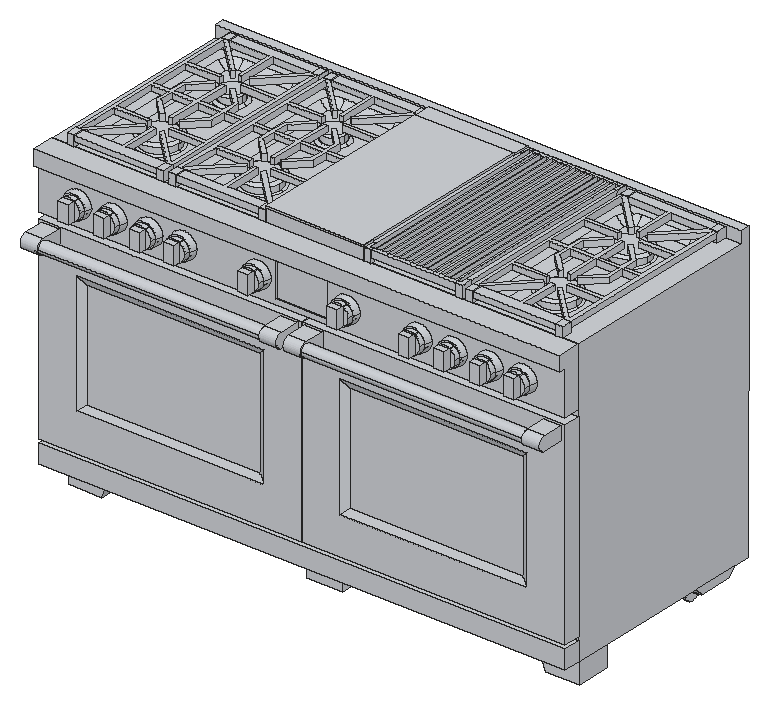
Revit family "DF60650CG_S_P", category Generic Models, Revit 2020
Family settings
  Can host rebar = No
  Round Connector Dimension = Use Diameter
  Part Type = Normal
  Work Plane-Based = No
  Always vertical = Yes
  Cut with Voids When Loaded = No
  Shared = No
  Room Calculation Point = No
Parameters
  Default Elevation = 0' - 0"
Reference planes (in)
  plane 1 "Center (Front/Back)": y = 0
  plane 2: z = 0
  plane 3 "Center (Left/Right)": x = 0
Forms (in)
  Extrusion 1, solid
    sketch origin (0, 0, 0) x (0, 1, 0) y (0, 0, 1)
      loop
        line (1.88976, 35.59055) -> (-0.70866, 35.59055) -> (-0.70866, 33.89764) -> (0, 33.89764) -> (0, 28.9252) -> (1.88976, 28.9252) -> (1.88976, 35.59055)
    from 0 to 59.88189
  Extrusion 2, solid
    sketch origin (0, 0, 0) x (0, 1, 0) y (0, 0, 1)
      loop
        line (26.14173, 36.9685) -> (25.15748, 36.9685) -> (25.15748, 35.59055) -> (1.9685, 35.59055) -> (1.9685, 3.14961) -> (26.14173, 3.14961) -> (26.14173, 36.9685)
    from 0 to 59.88189
  Extrusion 3, solid
    sketch origin (0, 0, 0) x (0, 1, 0) y (0, 0, 1)
      loop
        line (1.9685, 5.31496) -> (0, 5.31496) -> (0, 3.14961) -> (1.9685, 3.14961) -> (1.9685, 5.31496)
    from 0 to 59.88189
  Extrusion 4, solid
    sketch origin (0, 0, 0) x (0, 1, 0) y (0, 0, 1)
      loop
        line (0, 28.18898) -> (0, 5.70866) -> (1.9685, 5.70866) -> (1.9685, 28.18898) -> (0, 28.18898)
    from 0 to 29.94095
  Extrusion 5, solid
    sketch origin (0, 0, 0) x (0, 1, 0) y (0, 0, 1)
      loop
        line (0, 26.41732) -> (0, 27.99213) -> (-2.3622, 27.99213)
        arc (-2.3622, 27.99213) -> (-3.14961, 27.20472) -> (-2.3622, 26.41732) r 0.7874
        line (-2.3622, 26.41732) -> (0, 26.41732)
    from 0.40557 to 2.36419
  Extrusion 6, solid
    sketch origin (26.75, 0, 0) x (0, 1, 0) y (0, 0, 1)
      loop
        line (0, 26.41732) -> (0, 27.99213) -> (-2.3622, 27.99213)
        arc (-2.3622, 27.99213) -> (-3.14961, 27.20472) -> (-2.3622, 26.41732) r 0.7874
        line (-2.3622, 26.41732) -> (0, 26.41732)
    from 0.82874 to 2.76772
  Extrusion 7, solid
    sketch origin (0, 0, 0) x (0, 1, 0) y (0, 0, 1)
      loop
        circle (-2.41707, 27.24489) r 0.66649
    from 1.8261 to 27.57874
  Extrusion 8, solid
    sketch origin (0, 0, 0) x (1, 0, 0) y (0, 0, 1)
      loop
        line (0.84646, 3.14961) -> (0.84646, 0) -> (4.66535, 0) -> (5.90551, 3.14961) -> (0.84646, 3.14961)
    from -7.02923 to -3.18791
  Extrusion 9, solid
    sketch origin (30, 0, 0) x (1, 0, 0) y (0, 0, 1)
      loop
        line (23.97638, 3.14961) -> (25.21654, 0) -> (29.03543, 0) -> (29.03543, 3.14961) -> (23.97638, 3.14961)
    from -7.02923 to -3.18791
  Extrusion 10, solid
    sketch origin (0, 0, 0) x (0, 1, 0) y (0, 0, 1)
      loop
        line (24.17323, 3.14961) -> (18.66142, 3.14961) -> (19.45248, 2.27893) -> (23.38927, 2.27893) -> (24.17323, 3.14961)
    from 0 to 4.72441
  Extrusion 11, solid
    sketch origin (0, 0, 0) x (0, 1, 0) y (0, 0, 1)
      loop
        line (22.5954, 2.27893) -> (20.23924, 2.27893) -> (21.02362, 1.10236) -> (21.81102, 1.10236) -> (22.5954, 2.27893)
    from 1.5748 to 3.93701
  Extrusion 12, solid
    sketch origin (0, 0, 0) x (0, 1, 0) y (0, 0, 1)
      loop
        circle (21.41732, 1.10236) r 1.1236
    from 2.55906 to 2.95276
  Extrusion 13, solid
    sketch origin (55.15748, 0, 0) x (0, 1, 0) y (0, 0, 1)
      loop
        line (24.17323, 3.14961) -> (18.66142, 3.14961) -> (19.45248, 2.27893) -> (23.38927, 2.27893) -> (24.17323, 3.14961)
    from 0 to 4.72441
  Extrusion 14, solid
    sketch origin (54.3731, 0, 0) x (0, 1, 0) y (0, 0, 1)
      loop
        line (22.5954, 2.27893) -> (20.23924, 2.27893) -> (21.02362, 1.10236) -> (21.81102, 1.10236) -> (22.5954, 2.27893)
    from 1.5748 to 3.93701
  Extrusion 15, solid
    sketch origin (54.3731, 0, 0) x (0, 1, 0) y (0, 0, 1)
      loop
        circle (21.41732, 1.10236) r 1.1236
    from 2.55906 to 2.95276
  Blend 16, solid
    base sketch origin (0.90551, 0, 0) x (1, 0, 0) y (0, 0, 1)
      loop
        circle (3.62205, 31.31299) r 1.45314
    top sketch origin (0.90551, 0, 0) x (1, 0, 0) y (0, 0, 1)
      loop
        circle (3.62205, 31.31299) r 1.33532
    from 0 to 0.7874
  Extrusion 17, solid
    sketch origin (0.90551, 0, 0) x (1, 0, 0) y (0, 0, 1)
      loop
        circle (3.62205, 31.31299) r 1.21601
    from 0 to 1.37795
  Extrusion 18, solid
    sketch origin (0.90551, 0, 0) x (1, 0, 0) y (0, 0, 1)
      loop
        line (3.0315, 32.37598) -> (3.0315, 30.29013) -> (4.2126, 30.29013) -> (4.2126, 32.37598) -> (3.0315, 32.37598)
    from 0 to 2.15573
  Blend 19, solid, not visible
    base sketch origin (0, 0, 0) x (1, 0, 0) y (0, 0, 1)
      loop
        circle (3.62205, 31.31299) r 1.45314
    top sketch origin (0, 0, 0) x (1, 0, 0) y (0, 0, 1)
      loop
        circle (3.62205, 31.31299) r 1.33532
    from 0 to 0.7874
  Extrusion 20, solid, not visible
    sketch origin (0, 0, 0) x (1, 0, 0) y (0, 0, 1)
      loop
        circle (3.62205, 31.31299) r 1.21601
    from 0 to 1.37795
  Extrusion 21, solid, not visible
    sketch origin (0, 0, 0) x (1, 0, 0) y (0, 0, 1)
      loop
        line (3.0315, 32.37598) -> (3.0315, 30.29013) -> (4.2126, 30.29013) -> (4.2126, 32.37598) -> (3.0315, 32.37598)
    from 0 to 2.15573
  Blend 22, solid
    base sketch origin (4.92126, 0, 0) x (1, 0, 0) y (0, 0, 1)
      loop
        circle (3.62205, 31.31299) r 1.45314
    top sketch origin (4.92126, 0, 0) x (1, 0, 0) y (0, 0, 1)
      loop
        circle (3.62205, 31.31299) r 1.33532
    from 0 to 0.7874
  Extrusion 23, solid
    sketch origin (4.92126, 0, 0) x (1, 0, 0) y (0, 0, 1)
      loop
        circle (3.62205, 31.31299) r 1.21601
    from 0 to 1.37795
  Extrusion 24, solid
    sketch origin (4.92126, 0, 0) x (1, 0, 0) y (0, 0, 1)
      loop
        line (3.0315, 32.37598) -> (3.0315, 30.29013) -> (4.2126, 30.29013) -> (4.2126, 32.37598) -> (3.0315, 32.37598)
    from 0 to 2.15573
  Blend 25, solid
    base sketch origin (9.00306, 0, 0) x (1, 0, 0) y (0, 0, 1)
      loop
        circle (3.62205, 31.31299) r 1.45314
    top sketch origin (9.00306, 0, 0) x (1, 0, 0) y (0, 0, 1)
      loop
        circle (3.62205, 31.31299) r 1.33532
    from 0 to 0.7874
  Extrusion 26, solid
    sketch origin (9.00306, 0, 0) x (1, 0, 0) y (0, 0, 1)
      loop
        circle (3.62205, 31.31299) r 1.21601
    from 0 to 1.37795
  Extrusion 27, solid
    sketch origin (9.00306, 0, 0) x (1, 0, 0) y (0, 0, 1)
      loop
        line (3.0315, 32.37598) -> (3.0315, 30.29013) -> (4.2126, 30.29013) -> (4.2126, 32.37598) -> (3.0315, 32.37598)
    from 0 to 2.15573
  Blend 28, solid
    base sketch origin (12.87907, 0, 0) x (1, 0, 0) y (0, 0, 1)
      loop
        circle (3.62205, 31.31299) r 1.45314
    top sketch origin (12.87907, 0, 0) x (1, 0, 0) y (0, 0, 1)
      loop
        circle (3.62205, 31.31299) r 1.33532
    from 0 to 0.7874
  Extrusion 29, solid
    sketch origin (12.87907, 0, 0) x (1, 0, 0) y (0, 0, 1)
      loop
        circle (3.62205, 31.31299) r 1.21601
    from 0 to 1.37795
  Extrusion 30, solid
    sketch origin (12.87907, 0, 0) x (1, 0, 0) y (0, 0, 1)
      loop
        line (3.0315, 32.37598) -> (3.0315, 30.29013) -> (4.2126, 30.29013) -> (4.2126, 32.37598) -> (3.0315, 32.37598)
    from 0 to 2.15573
  Blend 31, solid
    base sketch origin (21.34072, 0, 0) x (1, 0, 0) y (0, 0, 1)
      loop
        circle (3.62205, 31.31299) r 1.45314
    top sketch origin (21.34072, 0, 0) x (1, 0, 0) y (0, 0, 1)
      loop
        circle (3.62205, 31.31299) r 1.33532
    from 0 to 0.7874
  Extrusion 32, solid
    sketch origin (21.34072, 0, 0) x (1, 0, 0) y (0, 0, 1)
      loop
        circle (3.62205, 31.31299) r 1.21601
    from 0 to 1.37795
  Extrusion 33, solid
    sketch origin (21.34072, 0, 0) x (1, 0, 0) y (0, 0, 1)
      loop
        line (3.0315, 32.37598) -> (3.0315, 30.29013) -> (4.2126, 30.29013) -> (4.2126, 32.37598) -> (3.0315, 32.37598)
    from 0 to 2.15573
  Extrusion 34, void
    sketch origin (0, 0, 0) x (1, 0, 0) y (0, 0, 1)
      loop
        line (32.92469, 33.47638) -> (26.96054, 33.47638) -> (26.96054, 29.46063) -> (32.92469, 29.46063) -> (32.92469, 33.47638)
    from -0.22861 to 12
  Blend 35, void
    base sketch origin (0, 0, 0) x (1, 0, 0) y (0, 0, 1)
      loop
        line (5.09843, 23.05118) -> (5.09843, 10.84646) -> (24.83268, 10.84646) -> (24.83268, 23.05118) -> (5.09843, 23.05118)
    top sketch origin (0, 0, 0) x (1, 0, 0) y (0, 0, 1)
      loop
        line (25.62008, 23.83858) -> (4.31102, 23.83858) -> (4.31102, 10.05905) -> (25.62008, 10.05905) -> (25.62008, 23.83858)
    from -0.3937 to 0
  Blend 36, void
    base sketch origin (0.17716, 0, 0) x (1, 0, 0) y (0, 1, 0)
      loop
        arc (4.14855, 22.95276) -> (3.56747, 22.71206) -> (3.32677, 22.13098) r 0.82178
        line (3.32677, 22.13098) -> (3.32677, 4.8769)
        arc (3.32677, 4.8769) -> (3.56747, 4.29581) -> (4.14855, 4.05512) r 0.82178
        line (4.14855, 4.05512) -> (9.98531, 4.05512)
        arc (9.98531, 4.05512) -> (10.56639, 4.29581) -> (10.80709, 4.8769) r 0.82178
        line (10.80709, 4.8769) -> (10.80709, 22.13098)
        arc (10.80709, 22.13098) -> (10.56639, 22.71206) -> (9.98531, 22.95276) r 0.82178
        line (9.98531, 22.95276) -> (4.14855, 22.95276)
    top sketch origin (0.17716, 0, 0) x (1, 0, 0) y (0, 1, 0)
      loop
        arc (4.12346, 23.74016) -> (2.98272, 23.26764) -> (2.5102, 22.1269) r 1.61326
        line (2.5102, 22.1269) -> (2.5102, 4.8769)
        arc (2.5102, 4.8769) -> (2.98101, 3.74026) -> (4.11765, 3.26945) r 1.60744
        line (4.11765, 3.26945) -> (10.0306, 3.26945)
        arc (10.0306, 3.26945) -> (11.13644, 3.7275) -> (11.59449, 4.83334) r 1.56388
        line (11.59449, 4.83334) -> (11.59449, 22.13098)
        arc (11.59449, 22.13098) -> (11.12317, 23.26884) -> (9.98531, 23.74016) r 1.60918
        line (9.98531, 23.74016) -> (4.12346, 23.74016)
    from 34.80848 to 35.59055
  Extrusion 37, solid
    sketch origin (0.17716, 0, 0) x (1, 0, 0) y (0, 1, 0)
      loop
        line (1.55512, 25.15748) -> (1.55512, 1.88976) -> (12.57874, 1.88976) -> (12.57874, 25.15748) -> (1.55512, 25.15748)
      loop
        line (2.22659, 23.93701) -> (6.25887, 19.90473) -> (5.97639, 19.62225) -> (1.94342, 23.65522) -> (1.94342, 18.58268) -> (5.88583, 18.58268) -> (5.88583, 18.18898) -> (1.94342, 18.18898) -> (1.94342, 13.70079) -> (3.91732, 13.70079) -> (3.91732, 15.35713) -> (5.94192, 17.38172) -> (6.22031, 17.10333) -> (4.31102, 15.19405) -> (4.31102, 13.70079) -> (6.87008, 13.70079) -> (6.87008, 17.27886) -> (7.26545, 17.27886) -> (7.26545, 13.70079) -> (9.82036, 13.70079) -> (9.82036, 15.19738) -> (7.91548, 17.10225) -> (8.19345, 17.38021) -> (10.21654, 15.35713) -> (10.21654, 13.70079) -> (12.18504, 13.70079) -> (12.18504, 18.18898) -> (8.24803, 18.18898) -> (8.24803, 18.58268) -> (12.18504, 18.58268) -> (12.18504, 23.65908) -> (8.15161, 19.62565) -> (7.86344, 19.91382) -> (11.88664, 23.93701) -> (7.26378, 23.93701) -> (7.26378, 19.6063) -> (6.87008, 19.6063) -> (6.87008, 23.93701) -> (2.22659, 23.93701)
      loop
        line (9.82036, 11.79288) -> (9.82036, 13.30709) -> (7.26545, 13.30709) -> (7.26545, 9.74409) -> (6.87008, 9.74409) -> (6.87008, 13.30709) -> (4.31102, 13.30709) -> (4.31102, 11.81382) -> (6.22187, 9.90297) -> (5.94348, 9.62459) -> (3.91732, 11.65075) -> (3.91732, 13.31073) -> (1.94342, 13.31073) -> (1.94342, 8.38583) -> (5.88583, 8.38583) -> (5.88583, 7.99213) -> (1.94342, 7.99213) -> (1.94342, 3.37305) -> (5.97438, 7.40401) -> (6.26736, 7.11102) -> (2.22655, 3.07021) -> (6.86986, 3.07021) -> (6.86986, 7.40401) -> (7.26545, 7.40401) -> (7.26545, 3.07021) -> (11.90457, 3.07021) -> (7.84812, 7.12666) -> (8.11918, 7.39772) -> (12.18504, 3.33186) -> (12.18504, 7.99213) -> (8.24803, 7.99213) -> (8.24803, 8.38583) -> (12.18504, 8.38583) -> (12.18504, 13.30709) -> (10.21654, 13.30709) -> (10.21654, 11.65075) -> (8.19038, 9.62459) -> (7.92122, 9.89374) -> (9.82036, 11.79288)
    from 36.10253 to 36.77165
  Extrusion 38, solid
    sketch origin (0.17716, 0, 0) x (1, 0, 0) y (0, 1, 0)
      loop
        line (11.79134, 3.07021) -> (11.79134, 1.88976) -> (12.57874, 1.88976) -> (12.57874, 3.07021) -> (11.79134, 3.07021)
      loop
        line (12.57874, 25.11811) -> (11.79134, 25.11811) -> (11.79134, 23.93701) -> (12.57874, 23.93701) -> (12.57874, 25.11811)
      loop
        line (1.55512, 25.11811) -> (1.55512, 23.93701) -> (2.34252, 23.93701) -> (2.34252, 25.11811) -> (1.55512, 25.11811)
      loop
        line (2.34252, 3.07021) -> (1.55512, 3.07021) -> (1.55512, 1.88976) -> (2.34252, 1.88976) -> (2.34252, 3.07021)
    from 35.59055 to 36.77165
  Extrusion 39, solid
    sketch origin (45.5315, 0, 0) x (1, 0, 0) y (0, 1, 0)
      loop
        line (11.79134, 3.07021) -> (11.79134, 1.88976) -> (12.57874, 1.88976) -> (12.57874, 3.07021) -> (11.79134, 3.07021)
      loop
        line (12.57874, 25.11811) -> (11.79134, 25.11811) -> (11.79134, 23.93701) -> (12.57874, 23.93701) -> (12.57874, 25.11811)
      loop
        line (1.55512, 25.11811) -> (1.55512, 23.93701) -> (2.34252, 23.93701) -> (2.34252, 25.11811) -> (1.55512, 25.11811)
      loop
        line (2.34252, 3.07021) -> (1.55512, 3.07021) -> (1.55512, 1.88976) -> (2.34252, 1.88976) -> (2.34252, 3.07021)
    from 35.59055 to 36.77165
  Blend 40, solid
    base sketch origin (0.17716, 0, 0) x (1, 0, 0) y (0, 1, 0)
      loop
        circle (7.09071, 18.35456) r 1.75898
    top sketch origin (0.17716, 0, 0) x (1, 0, 0) y (0, 1, 0)
      loop
        circle (7.09071, 18.35456) r 1.42487
    from 34.80848 to 34.99711
  Blend 41, solid
    base sketch origin (0.17716, -10.19685, 0) x (1, 0, 0) y (0, 1, 0)
      loop
        circle (7.09071, 18.35456) r 2.38325
    top sketch origin (0.17716, -10.19685, 0) x (1, 0, 0) y (0, 1, 0)
      loop
        circle (7.09071, 18.35456) r 2
    from 34.80848 to 34.99711
  Extrusion 42, solid
    sketch origin (0.17716, 0, 0) x (1, 0, 0) y (0, 1, 0)
      loop
        circle (7.10752, 18.34098) r 1.28657
    from 34.80848 to 35.7874
  Extrusion 43, solid
    sketch origin (0.17716, -10.19685, 0) x (1, 0, 0) y (0, 1, 0)
      loop
        circle (7.10752, 18.34098) r 2.08832
    from 34.80848 to 35.7874
  Blend 44, solid
    base sketch origin (0.17716, 0, 0.97892) x (1, 0, 0) y (0, 1, 0)
      loop
        circle (7.09071, 18.35456) r 1.42487
    top sketch origin (0.17716, 0, 0.97892) x (1, 0, 0) y (0, 1, 0)
      loop
        circle (7.09071, 18.35456) r 1.25
    from 34.80848 to 34.99711
  Blend 45, solid
    base sketch origin (0.17716, -10.19685, 0.97892) x (1, 0, 0) y (0, 1, 0)
      loop
        circle (7.09071, 18.35456) r 2.38325
    top sketch origin (0.17716, -10.19685, 0.97892) x (1, 0, 0) y (0, 1, 0)
      loop
        circle (7.09071, 18.35456) r 2
    from 34.80848 to 34.99711
  Extrusion 46, solid
    sketch origin (27.97244, 0, 0) x (0, 1, 0) y (0, 0, 1)
      loop
        line (24.17323, 3.14961) -> (18.66142, 3.14961) -> (19.45248, 2.27893) -> (23.38927, 2.27893) -> (24.17323, 3.14961)
    from -0.7874 to 4.72441
  Extrusion 47, solid
    sketch origin (27.18504, 0, 0) x (0, 1, 0) y (0, 0, 1)
      loop
        line (22.5954, 2.27893) -> (20.23924, 2.27893) -> (21.02362, 1.10236) -> (21.81102, 1.10236) -> (22.5954, 2.27893)
    from 1.5748 to 3.93701
  Extrusion 48, solid
    sketch origin (27.18504, 0, 0) x (0, 1, 0) y (0, 0, 1)
      loop
        circle (21.41732, 1.10236) r 1.1236
    from 2.55906 to 2.95276
  Extrusion 49, solid
    sketch origin (12.14567, 0, 0) x (1, 0, 0) y (0, 0, 1)
      loop
        line (15.82677, 0) -> (19.96063, 0) -> (19.96063, 3.14961) -> (15.82677, 3.14961) -> (15.82677, 0)
    from -7.02923 to -3.18791
  Extrusion 50, solid
    sketch origin (30, 0, 0) x (0, 1, 0) y (0, 0, 1)
      loop
        line (0, 28.18898) -> (0, 5.70866) -> (1.9685, 5.70866) -> (1.9685, 28.18898) -> (0, 28.18898)
    from -0.05905 to 29.88189
  Blend 51, void
    base sketch origin (30, 0, 0) x (1, 0, 0) y (0, 0, 1)
      loop
        line (5.04921, 23.05118) -> (5.04921, 10.84646) -> (24.77362, 10.84646) -> (24.77362, 23.05118) -> (5.04921, 23.05118)
    top sketch origin (30, 0, 0) x (1, 0, 0) y (0, 0, 1)
      loop
        line (25.56103, 23.83858) -> (4.26181, 23.83858) -> (4.26181, 10.05905) -> (25.56103, 10.05905) -> (25.56103, 23.83858)
    from -0.3937 to 0
  Extrusion 52, solid
    sketch origin (30.06421, 0, 0) x (0, 1, 0) y (0, 0, 1)
      loop
        line (0, 26.41732) -> (0, 27.99213) -> (-2.3622, 27.99213)
        arc (-2.3622, 27.99213) -> (-3.14961, 27.20472) -> (-2.3622, 26.41732) r 0.7874
        line (-2.3622, 26.41732) -> (0, 26.41732)
    from 0.27044 to 2.23894
  Extrusion 53, solid
    sketch origin (56.81421, 0, 0) x (0, 1, 0) y (0, 0, 1)
      loop
        line (0, 26.41732) -> (0, 27.99213) -> (-2.3622, 27.99213)
        arc (-2.3622, 27.99213) -> (-3.14961, 27.20472) -> (-2.3622, 26.41732) r 0.7874
        line (-2.3622, 26.41732) -> (0, 26.41732)
    from 0.7132 to 2.67398
  Extrusion 54, solid
    sketch origin (30.06421, 0, 0) x (0, 1, 0) y (0, 0, 1)
      loop
        circle (-2.41707, 27.24489) r 0.66649
    from 1.91641 to 27.4632
  Blend 55, solid
    base sketch origin (31.48989, 0, 0) x (1, 0, 0) y (0, 0, 1)
      loop
        circle (3.62205, 31.31299) r 1.45314
    top sketch origin (31.48989, 0, 0) x (1, 0, 0) y (0, 0, 1)
      loop
        circle (3.62205, 31.31299) r 1.33532
    from 0 to 0.7874
  Extrusion 56, solid
    sketch origin (31.48989, 0, 0) x (1, 0, 0) y (0, 0, 1)
      loop
        circle (3.62205, 31.31299) r 1.21601
    from 0 to 1.37795
  Extrusion 57, solid
    sketch origin (31.48989, 0, 0) x (1, 0, 0) y (0, 0, 1)
      loop
        line (3.0315, 32.37598) -> (3.0315, 30.29013) -> (4.2126, 30.29013) -> (4.2126, 32.37598) -> (3.0315, 32.37598)
    from 0 to 2.15573
  Blend 58, void, not visible
    base sketch origin (-0.55118, 0, 0) x (1, 0, 0) y (0, 1, 0)
      loop
        arc (4.14855, 22.95276) -> (3.56747, 22.71206) -> (3.32677, 22.13098) r 0.82178
        line (3.32677, 22.13098) -> (3.32677, 4.8769)
        arc (3.32677, 4.8769) -> (3.56747, 4.29581) -> (4.14855, 4.05512) r 0.82178
        line (4.14855, 4.05512) -> (9.98531, 4.05512)
        arc (9.98531, 4.05512) -> (10.56639, 4.29581) -> (10.80709, 4.8769) r 0.82178
        line (10.80709, 4.8769) -> (10.80709, 22.13098)
        arc (10.80709, 22.13098) -> (10.56639, 22.71206) -> (9.98531, 22.95276) r 0.82178
        line (9.98531, 22.95276) -> (4.14855, 22.95276)
    top sketch origin (-0.55118, 0, 0) x (1, 0, 0) y (0, 1, 0)
      loop
        arc (4.12346, 23.74016) -> (2.98272, 23.26764) -> (2.5102, 22.1269) r 1.61326
        line (2.5102, 22.1269) -> (2.5102, 4.8769)
        arc (2.5102, 4.8769) -> (2.98101, 3.74026) -> (4.11765, 3.26945) r 1.60744
        line (4.11765, 3.26945) -> (10.0306, 3.26945)
        arc (10.0306, 3.26945) -> (11.13644, 3.7275) -> (11.59449, 4.83334) r 1.56388
        line (11.59449, 4.83334) -> (11.59449, 22.13098)
        arc (11.59449, 22.13098) -> (11.12317, 23.26884) -> (9.98531, 23.74016) r 1.60918
        line (9.98531, 23.74016) -> (4.12346, 23.74016)
    from 34.80848 to 35.59055
  Extrusion 59, solid, not visible
    sketch origin (-0.55118, 0, 0) x (1, 0, 0) y (0, 1, 0)
      loop
        line (1.55512, 25.15748) -> (1.55512, 1.88976) -> (12.57874, 1.88976) -> (12.57874, 25.15748) -> (1.55512, 25.15748)
      loop
        line (2.22659, 23.93701) -> (6.25887, 19.90473) -> (5.97639, 19.62225) -> (1.94342, 23.65522) -> (1.94342, 18.58268) -> (5.88583, 18.58268) -> (5.88583, 18.18898) -> (1.94342, 18.18898) -> (1.94342, 13.70079) -> (3.91732, 13.70079) -> (3.91732, 15.35713) -> (5.94192, 17.38172) -> (6.22031, 17.10333) -> (4.31102, 15.19405) -> (4.31102, 13.70079) -> (6.87008, 13.70079) -> (6.87008, 17.27886) -> (7.26545, 17.27886) -> (7.26545, 13.70079) -> (9.82036, 13.70079) -> (9.82036, 15.19738) -> (7.91548, 17.10225) -> (8.19345, 17.38021) -> (10.21654, 15.35713) -> (10.21654, 13.70079) -> (12.18504, 13.70079) -> (12.18504, 18.18898) -> (8.24803, 18.18898) -> (8.24803, 18.58268) -> (12.18504, 18.58268) -> (12.18504, 23.65908) -> (8.15161, 19.62565) -> (7.86344, 19.91382) -> (11.88664, 23.93701) -> (7.26378, 23.93701) -> (7.26378, 19.6063) -> (6.87008, 19.6063) -> (6.87008, 23.93701) -> (2.22659, 23.93701)
      loop
        line (9.82036, 11.79288) -> (9.82036, 13.30709) -> (7.26545, 13.30709) -> (7.26545, 9.74409) -> (6.87008, 9.74409) -> (6.87008, 13.30709) -> (4.31102, 13.30709) -> (4.31102, 11.81382) -> (6.22187, 9.90297) -> (5.94348, 9.62459) -> (3.91732, 11.65075) -> (3.91732, 13.31073) -> (1.94342, 13.31073) -> (1.94342, 8.38583) -> (5.88583, 8.38583) -> (5.88583, 7.99213) -> (1.94342, 7.99213) -> (1.94342, 3.37305) -> (5.97438, 7.40401) -> (6.26736, 7.11102) -> (2.22655, 3.07021) -> (6.86986, 3.07021) -> (6.86986, 7.40401) -> (7.26545, 7.40401) -> (7.26545, 3.07021) -> (11.90457, 3.07021) -> (7.84812, 7.12666) -> (8.11918, 7.39772) -> (12.18504, 3.33186) -> (12.18504, 7.99213) -> (8.24803, 7.99213) -> (8.24803, 8.38583) -> (12.18504, 8.38583) -> (12.18504, 13.30709) -> (10.21654, 13.30709) -> (10.21654, 11.65075) -> (8.19038, 9.62459) -> (7.92122, 9.89374) -> (9.82036, 11.79288)
    from 36.10253 to 36.77165
  Extrusion 60, solid, not visible
    sketch origin (-0.55118, 0, 0) x (1, 0, 0) y (0, 1, 0)
      loop
        line (11.79134, 3.07021) -> (11.79134, 1.88976) -> (12.57874, 1.88976) -> (12.57874, 3.07021) -> (11.79134, 3.07021)
      loop
        line (12.57874, 25.11811) -> (11.79134, 25.11811) -> (11.79134, 23.93701) -> (12.57874, 23.93701) -> (12.57874, 25.11811)
      loop
        line (1.55512, 25.11811) -> (1.55512, 23.93701) -> (2.34252, 23.93701) -> (2.34252, 25.11811) -> (1.55512, 25.11811)
      loop
        line (2.34252, 3.07021) -> (1.55512, 3.07021) -> (1.55512, 1.88976) -> (2.34252, 1.88976) -> (2.34252, 3.07021)
    from 35.59055 to 36.77165
  Blend 61, solid, not visible
    base sketch origin (-0.55118, 0, 0) x (1, 0, 0) y (0, 1, 0)
      loop
        circle (7.09071, 18.35456) r 1.75898
    top sketch origin (-0.55118, 0, 0) x (1, 0, 0) y (0, 1, 0)
      loop
        circle (7.09071, 18.35456) r 1.42487
    from 34.80848 to 34.99711
  Blend 62, solid, not visible
    base sketch origin (-0.55118, -10.19685, 0) x (1, 0, 0) y (0, 1, 0)
      loop
        circle (7.09071, 18.35456) r 2.38325
    top sketch origin (-0.55118, -10.19685, 0) x (1, 0, 0) y (0, 1, 0)
      loop
        circle (7.09071, 18.35456) r 2
    from 34.80848 to 34.99711
  Extrusion 63, solid, not visible
    sketch origin (-0.55118, 0, 0) x (1, 0, 0) y (0, 1, 0)
      loop
        circle (7.10752, 18.34098) r 1.28657
    from 34.80848 to 35.7874
  Extrusion 64, solid, not visible
    sketch origin (-0.55118, -10.19685, 0) x (1, 0, 0) y (0, 1, 0)
      loop
        circle (7.10752, 18.34098) r 2.08832
    from 34.80848 to 35.7874
  Blend 65, solid, not visible
    base sketch origin (-0.55118, 0, 0.97892) x (1, 0, 0) y (0, 1, 0)
      loop
        circle (7.09071, 18.35456) r 1.42487
    top sketch origin (-0.55118, 0, 0.97892) x (1, 0, 0) y (0, 1, 0)
      loop
        circle (7.09071, 18.35456) r 1.25
    from 34.80848 to 34.99711
  Blend 66, solid, not visible
    base sketch origin (-0.55118, -10.19685, 0.97892) x (1, 0, 0) y (0, 1, 0)
      loop
        circle (7.09071, 18.35456) r 2.38325
    top sketch origin (-0.55118, -10.19685, 0.97892) x (1, 0, 0) y (0, 1, 0)
      loop
        circle (7.09071, 18.35456) r 2
    from 34.80848 to 34.99711
  Blend 67, solid
    base sketch origin (39.65551, 0, 0) x (1, 0, 0) y (0, 0, 1)
      loop
        circle (3.62205, 31.31299) r 1.45314
    top sketch origin (39.65551, 0, 0) x (1, 0, 0) y (0, 0, 1)
      loop
        circle (3.62205, 31.31299) r 1.33532
    from 0 to 0.7874
  Extrusion 68, solid
    sketch origin (39.65551, 0, 0) x (1, 0, 0) y (0, 0, 1)
      loop
        circle (3.62205, 31.31299) r 1.21601
    from 0 to 1.37795
  Extrusion 69, solid
    sketch origin (39.65551, 0, 0) x (1, 0, 0) y (0, 0, 1)
      loop
        line (3.0315, 32.37598) -> (3.0315, 30.29013) -> (4.2126, 30.29013) -> (4.2126, 32.37598) -> (3.0315, 32.37598)
    from 0 to 2.15573
  Blend 70, solid
    base sketch origin (43.67126, 0, 0) x (1, 0, 0) y (0, 0, 1)
      loop
        circle (3.62205, 31.31299) r 1.45314
    top sketch origin (43.67126, 0, 0) x (1, 0, 0) y (0, 0, 1)
      loop
        circle (3.62205, 31.31299) r 1.33532
    from 0 to 0.7874
  Extrusion 71, solid
    sketch origin (43.67126, 0, 0) x (1, 0, 0) y (0, 0, 1)
      loop
        circle (3.62205, 31.31299) r 1.21601
    from 0 to 1.37795
  Extrusion 72, solid
    sketch origin (43.67126, 0, 0) x (1, 0, 0) y (0, 0, 1)
      loop
        line (3.0315, 32.37598) -> (3.0315, 30.29013) -> (4.2126, 30.29013) -> (4.2126, 32.37598) -> (3.0315, 32.37598)
    from 0 to 2.15573
  Blend 73, solid
    base sketch origin (47.75306, 0, 0) x (1, 0, 0) y (0, 0, 1)
      loop
        circle (3.62205, 31.31299) r 1.45314
    top sketch origin (47.75306, 0, 0) x (1, 0, 0) y (0, 0, 1)
      loop
        circle (3.62205, 31.31299) r 1.33532
    from 0 to 0.7874
  Extrusion 74, solid
    sketch origin (47.75306, 0, 0) x (1, 0, 0) y (0, 0, 1)
      loop
        circle (3.62205, 31.31299) r 1.21601
    from 0 to 1.37795
  Extrusion 75, solid
    sketch origin (47.75306, 0, 0) x (1, 0, 0) y (0, 0, 1)
      loop
        line (3.0315, 32.37598) -> (3.0315, 30.29013) -> (4.2126, 30.29013) -> (4.2126, 32.37598) -> (3.0315, 32.37598)
    from 0 to 2.15573
  Blend 76, solid
    base sketch origin (51.62907, 0, 0) x (1, 0, 0) y (0, 0, 1)
      loop
        circle (3.62205, 31.31299) r 1.45314
    top sketch origin (51.62907, 0, 0) x (1, 0, 0) y (0, 0, 1)
      loop
        circle (3.62205, 31.31299) r 1.33532
    from 0 to 0.7874
  Extrusion 77, solid
    sketch origin (51.62907, 0, 0) x (1, 0, 0) y (0, 0, 1)
      loop
        circle (3.62205, 31.31299) r 1.21601
    from 0 to 1.37795
  Extrusion 78, solid
    sketch origin (51.62907, 0, 0) x (1, 0, 0) y (0, 0, 1)
      loop
        line (3.0315, 32.37598) -> (3.0315, 30.29013) -> (4.2126, 30.29013) -> (4.2126, 32.37598) -> (3.0315, 32.37598)
    from 0 to 2.15573
  Extrusion 79, solid
    sketch origin (11.76772, 0, 0) x (1, 0, 0) y (0, 1, 0)
      loop
        line (1.55512, 25.15748) -> (1.55512, 1.88976) -> (12.57874, 1.88976) -> (12.57874, 25.15748) -> (1.55512, 25.15748)
      loop
        line (2.22659, 23.93701) -> (6.25887, 19.90473) -> (5.97639, 19.62225) -> (1.94342, 23.65522) -> (1.94342, 18.58268) -> (5.88583, 18.58268) -> (5.88583, 18.18898) -> (1.94342, 18.18898) -> (1.94342, 13.70079) -> (3.91732, 13.70079) -> (3.91732, 15.35713) -> (5.94192, 17.38172) -> (6.22031, 17.10333) -> (4.31102, 15.19405) -> (4.31102, 13.70079) -> (6.87008, 13.70079) -> (6.87008, 17.27886) -> (7.26545, 17.27886) -> (7.26545, 13.70079) -> (9.82036, 13.70079) -> (9.82036, 15.19738) -> (7.91548, 17.10225) -> (8.19345, 17.38021) -> (10.21654, 15.35713) -> (10.21654, 13.70079) -> (12.18504, 13.70079) -> (12.18504, 18.18898) -> (8.24803, 18.18898) -> (8.24803, 18.58268) -> (12.18504, 18.58268) -> (12.18504, 23.65908) -> (8.15161, 19.62565) -> (7.86344, 19.91382) -> (11.88664, 23.93701) -> (7.26378, 23.93701) -> (7.26378, 19.6063) -> (6.87008, 19.6063) -> (6.87008, 23.93701) -> (2.22659, 23.93701)
      loop
        line (9.82036, 11.79288) -> (9.82036, 13.30709) -> (7.26545, 13.30709) -> (7.26545, 9.74409) -> (6.87008, 9.74409) -> (6.87008, 13.30709) -> (4.31102, 13.30709) -> (4.31102, 11.81382) -> (6.22187, 9.90297) -> (5.94348, 9.62459) -> (3.91732, 11.65075) -> (3.91732, 13.31073) -> (1.94342, 13.31073) -> (1.94342, 8.38583) -> (5.88583, 8.38583) -> (5.88583, 7.99213) -> (1.94342, 7.99213) -> (1.94342, 3.37305) -> (5.97438, 7.40401) -> (6.26736, 7.11102) -> (2.22655, 3.07021) -> (6.86986, 3.07021) -> (6.86986, 7.40401) -> (7.26545, 7.40401) -> (7.26545, 3.07021) -> (11.90457, 3.07021) -> (7.84812, 7.12666) -> (8.11918, 7.39772) -> (12.18504, 3.33186) -> (12.18504, 7.99213) -> (8.24803, 7.99213) -> (8.24803, 8.38583) -> (12.18504, 8.38583) -> (12.18504, 13.30709) -> (10.21654, 13.30709) -> (10.21654, 11.65075) -> (8.19038, 9.62459) -> (7.92122, 9.89374) -> (9.82036, 11.79288)
    from 36.10253 to 36.77165
  Extrusion 80, solid
    sketch origin (11.76772, 0, 0) x (1, 0, 0) y (0, 1, 0)
      loop
        line (11.79134, 3.07021) -> (11.79134, 1.88976) -> (12.57874, 1.88976) -> (12.57874, 3.07021) -> (11.79134, 3.07021)
      loop
        line (12.57874, 25.11811) -> (11.79134, 25.11811) -> (11.79134, 23.93701) -> (12.57874, 23.93701) -> (12.57874, 25.11811)
      loop
        line (1.55512, 25.11811) -> (1.55512, 23.93701) -> (2.34252, 23.93701) -> (2.34252, 25.11811) -> (1.55512, 25.11811)
      loop
        line (2.34252, 3.07021) -> (1.55512, 3.07021) -> (1.55512, 1.88976) -> (2.34252, 1.88976) -> (2.34252, 3.07021)
    from 35.59055 to 36.77165
  Blend 81, solid
    base sketch origin (11.76772, 0, 0) x (1, 0, 0) y (0, 1, 0)
      loop
        circle (7.09071, 18.35456) r 1.75898
    top sketch origin (11.76772, 0, 0) x (1, 0, 0) y (0, 1, 0)
      loop
        circle (7.09071, 18.35456) r 1.42487
    from 34.80848 to 34.99711
  Blend 82, solid
    base sketch origin (11.76772, -10.19685, 0) x (1, 0, 0) y (0, 1, 0)
      loop
        circle (7.09071, 18.35456) r 2.38325
    top sketch origin (11.76772, -10.19685, 0) x (1, 0, 0) y (0, 1, 0)
      loop
        circle (7.09071, 18.35456) r 2
    from 34.80848 to 34.99711
  Extrusion 83, solid
    sketch origin (11.76772, 0, 0) x (1, 0, 0) y (0, 1, 0)
      loop
        circle (7.10752, 18.34098) r 1.28657
    from 34.80848 to 35.7874
  Extrusion 84, solid
    sketch origin (11.76772, -10.19685, 0) x (1, 0, 0) y (0, 1, 0)
      loop
        circle (7.10752, 18.34098) r 2.08832
    from 34.80848 to 35.7874
  Blend 85, solid
    base sketch origin (11.76772, 0, 0.97892) x (1, 0, 0) y (0, 1, 0)
      loop
        circle (7.09071, 18.35456) r 1.42487
    top sketch origin (11.76772, 0, 0.97892) x (1, 0, 0) y (0, 1, 0)
      loop
        circle (7.09071, 18.35456) r 1.25
    from 34.80848 to 34.99711
  Blend 86, solid
    base sketch origin (11.76772, -10.19685, 0.97892) x (1, 0, 0) y (0, 1, 0)
      loop
        circle (7.09071, 18.35456) r 2.38325
    top sketch origin (11.76772, -10.19685, 0.97892) x (1, 0, 0) y (0, 1, 0)
      loop
        circle (7.09071, 18.35456) r 2
    from 34.80848 to 34.99711
  Blend 87, void
    base sketch origin (11.76772, 0, 0) x (1, 0, 0) y (0, 1, 0)
      loop
        arc (4.14855, 22.95276) -> (3.56747, 22.71206) -> (3.32677, 22.13098) r 0.82178
        line (3.32677, 22.13098) -> (3.32677, 4.8769)
        arc (3.32677, 4.8769) -> (3.56747, 4.29581) -> (4.14855, 4.05512) r 0.82178
        line (4.14855, 4.05512) -> (9.98531, 4.05512)
        arc (9.98531, 4.05512) -> (10.56639, 4.29581) -> (10.80709, 4.8769) r 0.82178
        line (10.80709, 4.8769) -> (10.80709, 22.13098)
        arc (10.80709, 22.13098) -> (10.56639, 22.71206) -> (9.98531, 22.95276) r 0.82178
        line (9.98531, 22.95276) -> (4.14855, 22.95276)
    top sketch origin (11.76772, 0, 0) x (1, 0, 0) y (0, 1, 0)
      loop
        arc (4.12346, 23.74016) -> (2.98272, 23.26764) -> (2.5102, 22.1269) r 1.61326
        line (2.5102, 22.1269) -> (2.5102, 4.8769)
        arc (2.5102, 4.8769) -> (2.98101, 3.74026) -> (4.11765, 3.26945) r 1.60744
        line (4.11765, 3.26945) -> (10.0306, 3.26945)
        arc (10.0306, 3.26945) -> (11.13644, 3.7275) -> (11.59449, 4.83334) r 1.56388
        line (11.59449, 4.83334) -> (11.59449, 22.13098)
        arc (11.59449, 22.13098) -> (11.12317, 23.26884) -> (9.98531, 23.74016) r 1.60918
        line (9.98531, 23.74016) -> (4.12346, 23.74016)
    from 34.80848 to 35.59055
  Extrusion 88, solid
    sketch origin (45.5315, 0, 0) x (1, 0, 0) y (0, 1, 0)
      loop
        line (1.55512, 25.15748) -> (1.55512, 1.88976) -> (12.57874, 1.88976) -> (12.57874, 25.15748) -> (1.55512, 25.15748)
      loop
        line (2.22659, 23.93701) -> (6.25887, 19.90473) -> (5.97639, 19.62225) -> (1.94342, 23.65522) -> (1.94342, 18.58268) -> (5.88583, 18.58268) -> (5.88583, 18.18898) -> (1.94342, 18.18898) -> (1.94342, 13.70079) -> (3.91732, 13.70079) -> (3.91732, 15.35713) -> (5.94192, 17.38172) -> (6.22031, 17.10333) -> (4.31102, 15.19405) -> (4.31102, 13.70079) -> (6.87008, 13.70079) -> (6.87008, 17.27886) -> (7.26545, 17.27886) -> (7.26545, 13.70079) -> (9.82036, 13.70079) -> (9.82036, 15.19738) -> (7.91548, 17.10225) -> (8.19345, 17.38021) -> (10.21654, 15.35713) -> (10.21654, 13.70079) -> (12.18504, 13.70079) -> (12.18504, 18.18898) -> (8.24803, 18.18898) -> (8.24803, 18.58268) -> (12.18504, 18.58268) -> (12.18504, 23.65908) -> (8.15161, 19.62565) -> (7.86344, 19.91382) -> (11.88664, 23.93701) -> (7.26378, 23.93701) -> (7.26378, 19.6063) -> (6.87008, 19.6063) -> (6.87008, 23.93701) -> (2.22659, 23.93701)
      loop
        line (9.82036, 11.79288) -> (9.82036, 13.30709) -> (7.26545, 13.30709) -> (7.26545, 9.74409) -> (6.87008, 9.74409) -> (6.87008, 13.30709) -> (4.31102, 13.30709) -> (4.31102, 11.81382) -> (6.22187, 9.90297) -> (5.94348, 9.62459) -> (3.91732, 11.65075) -> (3.91732, 13.31073) -> (1.94342, 13.31073) -> (1.94342, 8.38583) -> (5.88583, 8.38583) -> (5.88583, 7.99213) -> (1.94342, 7.99213) -> (1.94342, 3.37305) -> (5.97438, 7.40401) -> (6.26736, 7.11102) -> (2.22655, 3.07021) -> (6.86986, 3.07021) -> (6.86986, 7.40401) -> (7.26545, 7.40401) -> (7.26545, 3.07021) -> (11.90457, 3.07021) -> (7.84812, 7.12666) -> (8.11918, 7.39772) -> (12.18504, 3.33186) -> (12.18504, 7.99213) -> (8.24803, 7.99213) -> (8.24803, 8.38583) -> (12.18504, 8.38583) -> (12.18504, 13.30709) -> (10.21654, 13.30709) -> (10.21654, 11.65075) -> (8.19038, 9.62459) -> (7.92122, 9.89374) -> (9.82036, 11.79288)
    from 36.10253 to 36.77165
  Blend 89, solid
    base sketch origin (45.5315, 0, 0) x (1, 0, 0) y (0, 1, 0)
      loop
        circle (7.09071, 18.35456) r 2.38325
    top sketch origin (45.5315, 0, 0) x (1, 0, 0) y (0, 1, 0)
      loop
        circle (7.09071, 18.35456) r 2
    from 34.80848 to 34.99711
  Extrusion 90, solid
    sketch origin (45.5315, 0, 0) x (1, 0, 0) y (0, 1, 0)
      loop
        circle (7.10752, 18.34098) r 2.08832
    from 34.80848 to 35.7874
  Blend 91, solid
    base sketch origin (45.5315, 0, 0.97892) x (1, 0, 0) y (0, 1, 0)
      loop
        circle (7.09071, 18.35456) r 2.38325
    top sketch origin (45.5315, 0, 0.97892) x (1, 0, 0) y (0, 1, 0)
      loop
        circle (7.09071, 18.35456) r 2
    from 34.80848 to 34.99711
  Blend 92, solid
    base sketch origin (45.5315, -10.19685, 0) x (1, 0, 0) y (0, 1, 0)
      loop
        circle (7.09071, 18.35456) r 2.38325
    top sketch origin (45.5315, -10.19685, 0) x (1, 0, 0) y (0, 1, 0)
      loop
        circle (7.09071, 18.35456) r 2
    from 34.80848 to 34.99711
  Extrusion 93, solid
    sketch origin (45.5315, -10.19685, 0) x (1, 0, 0) y (0, 1, 0)
      loop
        circle (7.10752, 18.34098) r 2.08832
    from 34.80848 to 35.7874
  Blend 94, solid
    base sketch origin (45.5315, -10.19685, 0.97892) x (1, 0, 0) y (0, 1, 0)
      loop
        circle (7.09071, 18.35456) r 2.38325
    top sketch origin (45.5315, -10.19685, 0.97892) x (1, 0, 0) y (0, 1, 0)
      loop
        circle (7.09071, 18.35456) r 2
    from 34.80848 to 34.99711
  Blend 95, void
    base sketch origin (45.5315, 0, 0) x (1, 0, 0) y (0, 1, 0)
      loop
        arc (4.14855, 22.95276) -> (3.56747, 22.71206) -> (3.32677, 22.13098) r 0.82178
        line (3.32677, 22.13098) -> (3.32677, 4.8769)
        arc (3.32677, 4.8769) -> (3.56747, 4.29581) -> (4.14855, 4.05512) r 0.82178
        line (4.14855, 4.05512) -> (9.98531, 4.05512)
        arc (9.98531, 4.05512) -> (10.56639, 4.29581) -> (10.80709, 4.8769) r 0.82178
        line (10.80709, 4.8769) -> (10.80709, 22.13098)
        arc (10.80709, 22.13098) -> (10.56639, 22.71206) -> (9.98531, 22.95276) r 0.82178
        line (9.98531, 22.95276) -> (4.14855, 22.95276)
    top sketch origin (45.5315, 0, 0) x (1, 0, 0) y (0, 1, 0)
      loop
        arc (4.12346, 23.74016) -> (2.98272, 23.26764) -> (2.5102, 22.1269) r 1.61326
        line (2.5102, 22.1269) -> (2.5102, 4.8769)
        arc (2.5102, 4.8769) -> (2.98101, 3.74026) -> (4.11765, 3.26945) r 1.60744
        line (4.11765, 3.26945) -> (10.0306, 3.26945)
        arc (10.0306, 3.26945) -> (11.13644, 3.7275) -> (11.59449, 4.83334) r 1.56388
        line (11.59449, 4.83334) -> (11.59449, 22.13098)
        arc (11.59449, 22.13098) -> (11.12317, 23.26884) -> (9.98531, 23.74016) r 1.60918
        line (9.98531, 23.74016) -> (4.12346, 23.74016)
    from 34.80848 to 35.59055
  Blend 96, void
    base sketch origin (0, 0, 0) x (1, 0, 0) y (0, 1, 0)
      loop
        line (43.87402, 20.46457) -> (38.61417, 20.46457) -> (38.61417, 5.3622) -> (43.87402, 5.3622) -> (43.87402, 20.46457)
    top sketch origin (0, 0, 0) x (1, 0, 0) y (0, 1, 0)
      loop
        line (45.1811, 21.77165) -> (37.30709, 21.77165) -> (37.30709, 4.05512) -> (45.1811, 4.05512) -> (45.1811, 21.77165)
    from 32.46901 to 35.83079
  Extrusion 97, solid
    sketch origin (0, 0, 0) x (1, 0, 0) y (0, 1, 0)
      loop
        line (35.53543, 1.88976) -> (46.72441, 1.88976) -> (46.72441, 25.15748) -> (35.53543, 25.15748) -> (35.53543, 1.88976)
      loop
        line (46.33071, 24.72441) -> (45.75935, 24.72441) -> (45.75935, 2.28346) -> (46.33071, 2.28346) -> (46.33071, 24.72441)
      loop
        line (45.60187, 2.28346) -> (45.60187, 24.72441) -> (45.10925, 24.72441) -> (45.10925, 2.28346) -> (45.60187, 2.28346)
      loop
        line (44.95177, 2.28346) -> (44.95177, 24.72441) -> (44.45915, 24.72441) -> (44.45915, 2.28346) -> (44.95177, 2.28346)
      loop
        line (44.30167, 2.28346) -> (44.30167, 24.72441) -> (43.80905, 24.72441) -> (43.80905, 2.28346) -> (44.30167, 2.28346)
      loop
        line (43.65157, 2.28346) -> (43.65157, 24.72441) -> (43.15895, 24.72441) -> (43.15895, 2.28346) -> (43.65157, 2.28346)
      loop
        line (43.00148, 2.28346) -> (43.00148, 24.72441) -> (42.50886, 24.72441) -> (42.50886, 2.28346) -> (43.00148, 2.28346)
      loop
        line (42.35138, 2.28346) -> (42.35138, 24.72441) -> (41.85876, 24.72441) -> (41.85876, 2.28346) -> (42.35138, 2.28346)
      loop
        line (41.70128, 2.28346) -> (41.70128, 24.72441) -> (41.20866, 24.72441) -> (41.20866, 2.28346) -> (41.70128, 2.28346)
      loop
        line (41.05118, 2.28346) -> (41.05118, 24.72441) -> (40.55856, 24.72441) -> (40.55856, 2.28346) -> (41.05118, 2.28346)
      loop
        line (40.40108, 2.28346) -> (40.40108, 24.72441) -> (39.90846, 24.72441) -> (39.90846, 2.28346) -> (40.40108, 2.28346)
      loop
        line (39.75098, 2.28346) -> (39.75098, 24.72441) -> (39.25836, 24.72441) -> (39.25836, 2.28346) -> (39.75098, 2.28346)
      loop
        line (39.10089, 2.28346) -> (39.10089, 24.72441) -> (38.60827, 24.72441) -> (38.60827, 2.28346) -> (39.10089, 2.28346)
      loop
        line (38.45079, 2.28346) -> (38.45079, 24.72441) -> (37.95817, 24.72441) -> (37.95817, 2.28346) -> (38.45079, 2.28346)
      loop
        line (37.80069, 2.28346) -> (37.80069, 24.72441) -> (37.30807, 24.72441) -> (37.30807, 2.28346) -> (37.80069, 2.28346)
      loop
        line (37.15059, 2.28346) -> (37.15059, 24.72441) -> (36.65797, 24.72441) -> (36.65797, 2.28346) -> (37.15059, 2.28346)
      loop
        line (36.50049, 2.28346) -> (36.50049, 24.72441) -> (36.00787, 24.72441) -> (36.00787, 2.28346) -> (36.50049, 2.28346)
    from 36.14173 to 36.9685
  Extrusion 98, solid
    sketch origin (0, 0, 0) x (1, 0, 0) y (0, 1, 0)
      loop
        line (35.53543, 3.07087) -> (35.53543, 1.88976) -> (36.32283, 1.88976) -> (36.32283, 2.28346) -> (35.92913, 2.28346) -> (35.92913, 3.07087) -> (35.53543, 3.07087)
      loop
        line (35.53543, 25.11811) -> (35.53543, 23.93701) -> (35.85039, 23.93701) -> (35.85039, 24.72441) -> (36.32283, 24.72441) -> (36.32283, 25.11811) -> (35.53543, 25.11811)
      loop
        line (45.93701, 25.11811) -> (45.93701, 24.72441) -> (46.33071, 24.72441) -> (46.33071, 23.93701) -> (46.72441, 23.93701) -> (46.72441, 25.11811) -> (45.93701, 25.11811)
      loop
        line (45.93701, 2.28346) -> (45.93701, 1.88976) -> (46.72441, 1.88976) -> (46.72441, 3.07087) -> (46.33071, 3.07087) -> (46.33071, 2.28346) -> (45.93701, 2.28346)
    from 35.45038 to 36.9685
  Extrusion 99, solid
    sketch origin (0, 0, 0) x (1, 0, 0) y (0, 1, 0)
      loop
        line (24.34646, 25.11811) -> (24.34646, 23.14961) -> (35.53543, 23.14961) -> (35.53543, 25.11811) -> (24.34646, 25.11811)
    from 35.59055 to 37.12216
  Extrusion 100, solid
    sketch origin (0, -1.9685, 0) x (1, 0, 0) y (0, 1, 0)
      loop
        line (24.34646, 25.11811) -> (24.34646, 3.85827) -> (35.53543, 3.85827) -> (35.53543, 25.11811) -> (24.34646, 25.11811)
    from 37.00788 to 37.20514
  Extrusion 101, solid
    sketch origin (0, -21.25984, 0) x (1, 0, 0) y (0, 1, 0)
      loop
        line (24.34646, 24.33005) -> (24.34646, 23.14961) -> (35.53543, 23.14961) -> (35.53543, 24.33005) -> (24.34646, 24.33005)
    from 35.59055 to 37.12216
Cuts and joins
  Extrusion 34 cuts Extrusion 1
  Blend 35, Blend 51 cuts Extrusion 4
  Blend 36, Blend 87, Blend 95, Blend 96 cuts Extrusion 2
  Blend 36 cuts Extrusion 8
  Blend 36 cuts Extrusion 10
  Blend 36 cuts Extrusion 11
  Blend 51 cuts Extrusion 50
Dimensions and locks (in)
  aligned and locked: plane 2 to level
